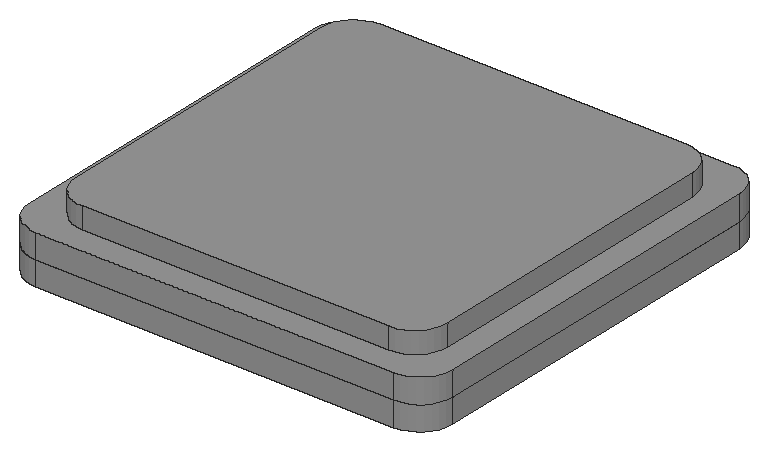
Revit family "FMS2_63_UN_Surface-mounted_ETK", category Lighting Fixtures, Revit 2019 (continued)
Definition of nested family "FMS.2 - Lightsource"
  Types (14, lengths in mm): name | Wattage Comments | Wattage | built-in parameter 1150134 | Photometric Web File | built-in parameter 1150142 | built-in parameter 1150105 | Lumens | built-in parameter 1150107 | built-in parameter 1150106 | Apparent Load
      573\t457.9741\t456.6909\t455.4077\t453.9962\t452.713\t451.3014\r\n449.8899\t448.3501\t446.9386\t445.2704\t443.7306\t442.0624\t440.3942\t438.7261\t436.9296\t435.1331\r\n433.2083\t431.4118\t429.487\t427.4339\t425.3808\t423.3277\t421.4029\t419.3498\t417.1683\t415.1152\r\n412.8054\t410.624\t408.4426\t406.0045\t403.6947\t401.385\t398.6902\t395.9955\t393.1725\t390.4778\r\n387.783\t384.8317\t382.0086\t379.1856\t376.4909\t373.5395\t370.7165\t367.7651\t364.9421\t361.9907\r\n359.0394\t356.088\t353.1366\t350.1853\t347.1056\t344.0259\t341.0746\t338.1232\t335.1718\t332.0922\r\n329.0125\t326.0611\t322.9814\t319.9018\t316.8221\t313.7424\t310.6627\t307.583\t304.5034\t301.4237\r\n298.344\t295.2643\t292.1846\t289.105\t285.7686\t282.304\t278.8394\t275.3747\t271.9101\t268.4454\r\n264.8525\t261.3878\t257.9232\t254.4586\t250.9939\t247.5293\t244.0646\t240.6\t237.1354\t233.6707\r\n230.2061\t226.7414\t223.2768\t219.8122\t216.4758\t213.1395\t209.6749\t206.3386\t203.0022\t199.6659\r\n196.073\t192.48\t189.0154\t185.4224\t181.9578\t178.3648\t174.7718\t171.3072\t167.9709\t164.5062\r\n161.0416\t157.7053\t154.369\t151.0326\t147.6963\t144.36\t141.0237\t137.4307\t133.8378\t130.2448\r\n126.793\t123.277\t119.7996\t116.3606\t112.9601\t109.5853\t106.249\t102.9383\t99.6533\t96.317\r\n93.0448\t89.8368\t86.6545\t83.485\t80.3668\t77.3\t74.2844\t71.3203\t68.3689\t65.4175\r\n62.5047\t59.6046\t56.7431\t53.8944\t51.0842\t48.2996\t45.5921\t43.1155\t40.7031\t38.3035\r\n35.9296\t33.5685\t31.2203\t28.8848\t21.237\t12.986\t4.7312\t0\t0\t0\r\n0\r\n473.6291\t473.5008\t473.2442\t473.1158\t472.8592\t472.4742\t471.961\t471.4477\t471.0627\t470.5494\r\n470.0362\t469.5229\t468.8813\t468.2397\t467.4698\t466.5715\t465.8016\t465.16\t464.2618\t463.3635\r\n462.337\t461.3104\t460.2838\t459.2573\t458.2307\t456.9475\t455.6643\t454.3811\t452.9696\t451.6864\r\n450.2749\t448.9917\t447.4518\t446.0403\t444.5005\t442.9606\t441.2925\t439.6243\t437.9562\t436.288\r\n434.6198\t432.695\t430.8986\t428.9738\t427.1773\t425.1242\t422.8144\t420.3763\t418.0666\t415.6285\r\n413.1904\t410.7523\t408.1859\t405.7478\t403.0531\t400.4867\t397.9203\t395.3539\t392.7875\t390.0928\r\n387.3981\t384.7034\t382.0086\t379.3139\t376.4909\t373.7962\t370.9731\t368.2784\t365.4554\t362.6323\r\n359.8093\t356.9862\t354.1632\t351.3402\t348.3888\t345.5658\t342.7427\t339.7914\t336.9683\t334.017\r\n331.1939\t328.2426\t325.1629\t321.8266\t318.4902\t315.1539\t311.6893\t308.353\t305.0166\t301.552\r\n298.2157\t294.8794\t291.543\t288.2067\t284.8704\t281.5341\t278.1978\t274.7331\t271.3968\t268.0605\r\n264.7242\t261.3878\t258.1798\t254.9718\t251.5072\t248.2992\t244.9629\t241.6266\t238.2902\t234.6973\r\n231.2326\t227.6397\t224.175\t220.5821\t217.1174\t213.6528\t210.1882\t206.7235\t203.2589\t199.7942\r\n196.5862\t193.2499\t189.7853\t186.449\t183.1126\t179.7763\t176.44\t172.9754\t169.2541\t165.6611\r\n162.0682\t158.4752\t155.0106\t151.4176\t147.8246\t144.36\t140.767\t137.3024\t133.9661\t130.5014\r\n127.1395\t123.7646\t120.3128\t116.8995\t113.499\t110.1371\t106.8007\t103.4901\t100.2051\t96.9329\r\n93.6864\t90.4913\t87.3346\t84.2036\t81.0726\t77.9801\t74.926\t71.8977\t68.895\t65.9308\r\n62.9923\t60.0794\t57.2051\t54.4462\t51.8413\t49.2364\t46.6572\t44.0908\t41.55\t39.0221\r\n36.507\t34.0048\t28.8207\t21.1728\t13.5249\t5.8617\t0\t0\t0\t0\r\n0\r\n473.6291\t473.5008\t473.2442\t472.9875\t472.7309\t472.3459\t471.8326\t471.3194\t470.9344\t470.4211\r\n469.9078\t469.3946\t468.753\t468.1114\t467.4698\t466.5715\t465.8016\t465.0317\t464.2618\t463.3635\r\n462.4653\t461.4387\t460.5405\t459.5139\t458.4874\t457.3325\t456.1776\t454.8944\t453.6112\t452.328\r\n451.0448\t449.6333\t448.3501\t446.9386\t445.527\t443.9872\t442.5757\t441.0358\t439.496\t437.8278\r\n435.6464\t433.465\t431.2835\t429.1021\t426.7923\t424.4826\t422.1728\t419.863\t417.5533\t415.1152\r\n412.6771\t410.3674\t407.9293\t405.6195\t403.1814\t400.615\t398.0486\t395.6106\t393.0442\t390.4778\r\n388.0397\t385.4733\t382.9069\t380.2122\t377.6458\t374.951\t372.3846\t369.6899\t367.1235\t364.4288\r\n361.8624\t359.1677\t356.3446\t353.1366\t349.9286\t346.7206\t343.5126\t340.3046\t337.0966\t333.8886\r\n330.6806\t327.3443\t324.1363\t320.8\t317.7203\t314.5123\t311.3043\t308.0963\t304.8883\t301.6803\r\n298.344\t295.136\t291.928\t288.72\t285.512\t282.304\t279.096\t275.888\t272.68\t269.2154\r\n265.7507\t262.2861\t258.8214\t255.3568\t251.8922\t248.4275\t244.9629\t241.6266\t238.2902\t234.9539\r\n231.4893\t228.153\t224.8166\t221.4803\t218.144\t214.8077\t211.4714\t208.2634\t205.0554\t201.5907\r\n197.8694\t194.2765\t190.6835\t186.9622\t183.3693\t179.7763\t176.1834\t172.5904\t169.1258\t165.6611\r\n162.1965\t158.7318\t155.2672\t151.8026\t148.3379\t144.8733\t141.4086\t137.944\t134.4794\t131.0147\r\n127.6527\t124.2779\t120.9159\t117.5924\t114.2818\t110.9968\t107.7375\t104.5038\t101.2701\t97.9852\r\n94.713\t91.4665\t88.2457\t85.0377\t81.8682\t78.7115\t75.5805\t72.4623\t69.3698\t66.2773\r\n63.4029\t60.6569\t57.9365\t55.2289\t52.5342\t49.8652\t47.2089\t44.5655\t41.935\t39.3301\r\n36.3659\t29.0773\t21.8016\t14.513\t7.2244\t0\t0\t0\t0\t0\r\n0\r\n473.6291\t473.3725\t473.2442\t472.8592\t472.6026\t472.3459\t471.8326\t471.3194\t470.8061\t470.2928\r\n469.7795\t469.2662\t468.753\t468.1114\t467.3414\t466.6998\t465.9299\t465.0317\t464.2618\t463.4918\r\n462.7219\t461.6954\t460.7971\t459.7706\t458.8723\t457.8458\t456.8192\t455.7926\t454.5094\t453.2262\r\n451.943\t450.6598\t449.3766\t448.0934\t446.9386\t445.0138\t443.089\t441.0358\t438.9827\t437.0579\r\n435.0048\t432.8234\t430.7702\t428.5888\t426.5357\t424.3542\t422.0445\t419.7347\t417.5533\t415.3718\r\n413.0621\t410.624\t408.3142\t406.0045\t403.5664\t401.2566\t398.9469\t396.6371\t394.199\t391.6326\r\n389.1946\t386.7565\t384.4467\t382.0086\t379.5706\t377.0042\t373.9245\t370.8448\t367.7651\t364.6854\r\n361.6058\t358.5261\t355.4464\t352.3667\t349.287\t346.2074\t343.1277\t339.9197\t336.7117\t333.632\r\n330.5523\t327.4726\t324.393\t321.3133\t318.2336\t315.0256\t311.9459\t308.8662\t305.6582\t302.5786\r\n299.4989\t296.2909\t292.9546\t289.6182\t286.1536\t282.8173\t279.3526\t276.0163\t272.68\t269.3437\r\n265.879\t262.5427\t259.2064\t255.8701\t252.6621\t249.3258\t245.9894\t242.7814\t239.4451\t236.2371\r\n233.0291\t229.8211\t226.2282\t222.6352\t219.0422\t215.4493\t211.8563\t208.2634\t204.6704\t201.0774\r\n197.6128\t194.0198\t190.5552\t187.0906\t183.6259\t180.1613\t176.6966\t173.232\t169.8957\t166.431\r\n162.8381\t159.3734\t155.9088\t152.3158\t148.8512\t145.3866\t141.9219\t138.5856\t135.121\t131.7846\r\n128.32\t125.0093\t121.673\t118.3367\t115.0004\t111.6384\t108.3021\t104.9786\t101.6679\t98.3701\r\n95.0851\t91.8258\t88.5793\t85.3585\t82.1505\t78.9681\t75.7986\t72.8216\t69.9729\t67.137\r\n64.314\t61.5038\t58.7064\t55.909\t53.1373\t50.3656\t47.6067\t44.8607\t42.1275\t37.0332\r\n29.9884\t22.9436\t15.8988\t8.8464\t1.7952\t0\t0\t0\t0\t0\r\n0\r\n473.6291\t473.3725\t473.1158\t472.8592\t472.4742\t472.2176\t471.7043\t471.191\t470.6778\t470.2928\r\n469.7795\t469.2662\t468.6246\t468.1114\t467.4698\t466.6998\t466.0582\t465.2883\t464.5184\t463.7485\r\n462.9786\t462.2086\t461.1821\t460.2838\t459.3856\t458.359\t457.4608\t456.4342\t455.4077\t454.3811\r\n453.2262\t451.8147\t450.0182\t448.0934\t446.1686\t444.3722\t442.4474\t440.6509\t438.5978\t436.673\r\n434.6198\t432.5667\t430.6419\t428.5888\t426.5357\t424.3542\t422.3011\t420.248\t418.1949\t415.8851\r\n413.7037\t411.5222\t409.3408\t407.1594\t404.8496\t402.5398\t400.3584\t398.0486\t395.7389\t393.4291\r\n390.7344\t387.9114\t384.96\t381.8803\t378.929\t375.9776\t373.0262\t370.2032\t367.2518\t364.3005\r\n361.3491\t358.2694\t355.3181\t352.3667\t349.287\t346.3357\t343.3843\t340.433\t337.4816\t334.5302\r\n331.4506\t328.4992\t325.5478\t322.4682\t319.3885\t316.0522\t312.7158\t309.3795\t306.0432\t302.7069\r\n299.4989\t296.1626\t292.8262\t289.4899\t286.2819\t282.9456\t279.6093\t276.4013\t273.1933\t269.9853\r\n266.7773\t263.5693\t260.3613\t257.1533\t253.9453\t250.7373\t247.2726\t243.808\t240.0867\t236.4938\r\n232.9008\t229.4362\t225.8432\t222.3786\t218.9139\t215.4493\t211.8563\t208.52\t205.0554\t201.5907\r\n197.9978\t194.5331\t191.0685\t187.7322\t184.2675\t180.8029\t177.2099\t173.7453\t170.1523\t166.6877\r\n163.223\t159.7584\t156.2938\t152.8291\t149.4928\t146.0282\t142.5635\t139.2272\t135.8909\t132.4262\r\n129.0899\t125.6124\t122.1991\t118.8115\t115.4238\t112.0619\t108.6999\t105.3636\t102.0272\t98.7166\r\n95.4188\t92.1338\t88.8616\t85.6023\t82.4584\t79.5071\t76.5814\t73.6557\t70.7556\t67.8556\r\n64.9684\t62.0812\t59.2197\t56.3453\t53.4966\t50.6607\t47.8249\t44.989\t38.3677\t31.4769\r\n24.5733\t17.6825\t10.7814\t3.8817\t0\t0\t0\t0\t0\t0\r\n0\r\n473.6291\t473.3725\t473.1158\t472.7309\t472.4742\t472.0893\t471.7043\t471.191\t470.6778\t470.1645\r\n469.6512\t469.1379\t468.6246\t468.1114\t467.5981\t466.8282\t466.1866\t465.545\t464.775\t464.0051\r\n463.2352\t462.4653\t461.6954\t460.9254\t460.0272\t459.129\t458.2307\t457.3325\t456.4342\t454.7661\r\n453.0979\t451.3014\t449.505\t447.7085\t445.912\t443.9872\t442.1907\t440.2659\t438.4694\t436.5446\r\n434.7482\t432.8234\t430.8986\t428.8454\t426.9206\t424.8675\t422.8144\t420.7613\t418.8365\t416.7834\r\n414.7302\t412.8054\t410.7523\t408.5709\t406.3894\t403.9514\t401.1283\t398.4336\t395.6106\t392.7875\r\n389.9645\t387.1414\t384.3184\t381.4954\t378.6723\t375.8493\t373.1546\t370.3315\t367.3802\t364.4288\r\n361.4774\t358.6544\t355.9597\t353.1366\t350.1853\t347.3622\t344.4109\t341.4595\t338.6365\t335.5568\r\n332.3488\t329.0125\t325.6762\t322.4682\t319.1318\t315.9238\t312.7158\t309.5078\t306.2998\t302.9635\r\n299.7555\t296.5475\t293.3395\t290.1315\t286.9235\t283.7155\t280.6358\t277.4278\t274.3482\t271.2685\r\n267.9322\t264.4675\t260.8746\t257.4099\t253.817\t250.3523\t246.8877\t243.423\t239.9584\t236.4938\r\n233.0291\t229.5645\t226.2282\t222.7635\t219.2989\t215.8342\t212.3696\t209.0333\t205.697\t202.2323\r\n198.6394\t195.1747\t191.5818\t188.1171\t184.5242\t181.0595\t177.5949\t174.0019\t170.5373\t167.0726\r\n163.7363\t160.2717\t156.807\t153.4707\t150.0061\t146.6698\t143.2051\t139.7405\t136.2758\t132.8112\r\n129.4749\t125.9974\t122.5841\t119.1708\t115.7703\t112.3827\t109.0207\t105.6587\t102.3095\t98.9732\r\n95.6369\t92.3134\t89.2466\t86.231\t83.2284\t80.2385\t77.2486\t74.2716\t71.3074\t68.3561\r\n65.4047\t62.4533\t59.5276\t56.5891\t53.6634\t50.7506\t47.0036\t40.2027\t33.4145\t26.6264\r\n19.8383\t13.0373\t6.2492\t0\t0\t0\t0\t0\t0\t0\r\n0\r\n473.6291\t473.3725\t473.1158\t472.7309\t472.3459\t472.0893\t471.7043\t471.191\t470.6778\t470.1645\r\n469.6512\t469.1379\t468.6246\t468.1114\t467.5981\t467.0848\t466.4432\t465.8016\t465.16\t464.3901\r\n463.6202\t462.9786\t462.2086\t461.4387\t460.7971\t460.0272\t459.0006\t457.3325\t455.7926\t454.1245\r\n452.4563\t450.9165\t449.12\t447.4518\t445.7837\t443.9872\t442.1907\t440.3942\t438.5978\t436.8013\r\n434.8765\t433.08\t431.2835\t429.487\t427.5622\t425.7658\t423.841\t421.9162\t419.863\t417.9382\r\n415.8851\t413.832\t411.1373\t408.5709\t405.8762\t403.3098\t400.7434\t398.0486\t395.3539\t392.5309\r\n389.8362\t387.0131\t384.3184\t381.6237\t378.8006\t376.1059\t373.4112\t370.7165\t367.8934\t365.1987\r\n362.3757\t359.681\t356.9862\t354.2915\t351.5968\t348.5171\t345.1808\t341.8445\t338.5082\t335.3002\r\n332.2205\t329.0125\t325.9328\t322.7248\t319.5168\t316.3088\t313.1008\t309.8928\t306.8131\t303.7334\r\n300.5254\t297.4458\t294.2378\t291.1581\t288.0784\t284.8704\t281.5341\t277.9411\t274.4765\t271.0118\r\n267.6755\t264.2109\t260.7462\t257.2816\t253.817\t250.3523\t247.016\t243.5514\t240.215\t236.7504\r\n233.4141\t230.0778\t226.6131\t223.2768\t219.9405\t216.4758\t212.8829\t209.4182\t205.8253\t202.3606\r\n198.896\t195.4314\t191.8384\t188.3738\t184.9091\t181.4445\t177.9798\t174.6435\t171.1789\t167.7142\r\n164.3779\t160.9133\t157.577\t153.984\t150.5194\t147.0547\t143.4618\t139.9971\t136.5325\t133.0678\r\n129.6032\t126.2284\t122.8151\t119.4146\t116.0141\t112.6265\t109.2388\t105.864\t102.4892\t99.1657\r\n96.086\t93.0192\t89.9523\t86.8983\t83.8443\t80.8031\t77.7748\t74.7464\t71.718\t68.7025\r\n65.687\t62.6843\t59.6816\t56.6789\t53.6891\t49.262\t42.5509\t35.8269\t29.103\t22.3918\r\n15.6679\t8.9478\t2.2276\t0\t0\t0\t0\t0\t0\t0\r\n0\r\n473.6291\t473.3725\t472.9875\t472.7309\t472.3459\t471.961\t471.576\t471.191\t470.6778\t470.1645\r\n469.6512\t469.1379\t468.753\t468.2397\t467.7264\t467.2131\t466.5715\t466.0582\t465.4166\t464.775\r\n464.1334\t463.4918\t462.8502\t462.0803\t461.4387\t460.1555\t458.6157\t457.0758\t455.536\t453.8678\r\n452.1997\t450.5315\t448.8634\t447.1952\t445.6554\t443.9872\t442.319\t440.6509\t438.8544\t437.1862\r\n435.3898\t433.5933\t431.9251\t430.1286\t428.3322\t426.5357\t424.6109\t422.9427\t421.0179\t418.5798\r\n416.0134\t413.447\t410.8806\t408.1859\t405.6195\t402.9248\t400.3584\t397.792\t395.0973\t392.5309\r\n389.9645\t387.2698\t384.7034\t382.137\t379.4422\t376.8758\t374.1811\t371.4864\t368.7917\t366.097\r\n363.5306\t360.4509\t357.3712\t354.1632\t351.0835\t348.0038\t344.9242\t341.8445\t338.6365\t335.5568\r\n332.3488\t329.2691\t326.0611\t322.9814\t319.9018\t316.8221\t313.7424\t310.6627\t307.583\t304.5034\r\n301.4237\t298.344\t295.0077\t291.6714\t288.2067\t284.7421\t281.4058\t277.9411\t274.4765\t271.1402\r\n267.6755\t264.3392\t260.8746\t257.5382\t254.0736\t250.7373\t247.2726\t243.9363\t240.6\t237.2637\r\n233.9274\t230.591\t227.1264\t223.5334\t220.0688\t216.6042\t213.1395\t209.6749\t206.2102\t202.7456\r\n199.1526\t195.8163\t192.3517\t188.887\t185.4224\t181.9578\t178.4931\t175.1568\t171.6922\t168.2275\r\n164.7629\t161.2982\t157.7053\t154.2406\t150.776\t147.3114\t143.8467\t140.3821\t136.9174\t133.4528\r\n129.9882\t126.5235\t123.0845\t119.6584\t116.2194\t112.7933\t109.38\t106.018\t102.8998\t99.7816\r\n96.6635\t93.5581\t90.4528\t87.3474\t84.2549\t81.1752\t78.0956\t75.0159\t71.9362\t68.8693\r\n65.8153\t62.7485\t59.6945\t56.6404\t52.0081\t45.3483\t38.6756\t32.0158\t25.3432\t18.6834\r\n12.0133\t5.3458\t0\t0\t0\t0\t0\t0\t0\t0\r\n0\r\n473.6291\t473.3725\t472.9875\t472.6026\t472.2176\t471.961\t471.576\t471.191\t470.8061\t470.2928\r\n469.7795\t469.2662\t468.753\t468.2397\t467.8547\t467.3414\t466.8282\t466.3149\t465.8016\t465.16\r\n464.6467\t464.0051\t463.3635\t462.7219\t461.3104\t459.7706\t458.2307\t456.6909\t455.151\t453.6112\r\n452.0714\t450.5315\t448.9917\t447.3235\t445.6554\t443.9872\t442.4474\t440.7792\t439.111\t437.5712\r\n435.903\t434.2349\t432.5667\t430.8986\t429.2304\t427.4339\t425.5091\t422.9427\t420.5046\t418.0666\r\n415.5002\t413.0621\t410.4957\t407.9293\t405.4912\t402.9248\t400.4867\t397.9203\t395.3539\t392.7875\r\n390.2211\t387.783\t385.2166\t382.6502\t380.0838\t377.5174\t374.951\t372.513\t369.5616\t366.6102\r\n363.5306\t360.4509\t357.3712\t354.2915\t351.2118\t348.1322\t345.0525\t341.9728\t338.8931\t335.8134\r\n332.7338\t329.7824\t326.7027\t323.623\t320.5434\t317.4637\t314.5123\t311.4326\t308.4813\t305.145\r\n301.6803\t298.344\t294.8794\t291.543\t288.0784\t284.7421\t281.2774\t277.9411\t274.6048\t271.1402\r\n267.8038\t264.4675\t261.1312\t257.7949\t254.4586\t251.1222\t247.7859\t244.4496\t241.1133\t237.6486\r\n234.0557\t230.591\t227.1264\t223.6618\t220.1971\t216.7325\t213.2678\t209.8032\t206.3386\t202.8739\r\n199.4093\t196.073\t192.6083\t189.1437\t185.679\t182.3427\t178.8781\t175.4134\t171.9488\t168.4842\r\n165.0195\t161.4266\t157.9619\t154.4973\t151.0326\t147.568\t143.975\t140.5104\t137.0458\t133.5811\r\n130.1165\t126.716\t123.2642\t119.8124\t116.3734\t112.9216\t109.7649\t106.5954\t103.4516\t100.2949\r\n97.1511\t94.0072\t90.8634\t87.7324\t84.5885\t81.4704\t78.3394\t75.2212\t72.0902\t68.972\r\n65.8667\t62.7485\t59.6431\t55.2546\t48.6204\t41.9863\t35.365\t28.7308\t22.0967\t15.4754\r\n8.8451\t2.2161\t0\t0\t0\t0\t0\t0\t0\t0\r\n0\r\n473.6291\t473.3725\t472.9875\t472.6026\t472.2176\t471.8326\t471.4477\t471.0627\t470.6778\t470.2928\r\n469.9078\t469.3946\t468.8813\t468.368\t467.983\t467.4698\t466.9565\t466.4432\t466.0582\t465.545\r\n465.0317\t464.5184\t463.8768\t462.4653\t461.0538\t459.5139\t457.9741\t456.5626\t455.0227\t453.4829\r\n451.943\t450.4032\t448.8634\t447.3235\t445.912\t444.2438\t442.704\t441.1642\t439.6243\t438.0845\r\n436.4163\t434.8765\t433.2083\t431.5402\t429.7437\t427.4339\t424.9958\t422.5578\t420.248\t417.8099\r\n415.3718\t412.9338\t410.4957\t408.0576\t405.6195\t403.1814\t400.615\t398.177\t395.7389\t393.3008\r\n390.8627\t388.2963\t385.8582\t383.4202\t380.9821\t378.4157\t375.336\t372.3846\t369.305\t366.3536\r\n363.2739\t360.3226\t357.2429\t354.1632\t351.2118\t348.2605\t345.1808\t342.2294\t339.1498\t336.1984\r\n333.247\t330.2957\t327.3443\t324.2646\t321.3133\t318.3619\t315.1539\t311.8176\t308.4813\t305.0166\r\n301.6803\t298.344\t295.0077\t291.6714\t288.335\t284.9987\t281.5341\t278.1978\t274.8614\t271.5251\r\n268.1888\t264.8525\t261.5162\t258.3082\t254.9718\t251.6355\t248.2992\t244.8346\t241.2416\t237.777\r\n234.3123\t230.8477\t227.383\t223.9184\t220.4538\t216.9891\t213.5245\t210.0598\t206.5952\t203.1306\r\n199.6659\t196.2013\t192.865\t189.4003\t185.9357\t182.471\t179.0064\t175.5418\t172.0771\t168.4842\r\n165.0195\t161.5549\t158.0902\t154.6256\t151.161\t147.6963\t144.1034\t140.6387\t137.1741\t133.7094\r\n130.2448\t126.8315\t123.3797\t119.9279\t116.6172\t113.422\t110.2397\t107.0574\t103.8879\t100.7055\r\n97.536\t94.3537\t91.1842\t88.0147\t84.8452\t81.6757\t78.519\t75.3623\t72.1928\t69.0362\r\n65.8795\t62.7356\t59.0272\t52.4187\t45.8102\t39.2018\t32.5933\t25.9848\t19.3763\t12.7704\r\n6.1632\t0\t0\t0\t0\t0\t0\t0\t0\t0\r\n0\r\n473.6291\t473.3725\t472.9875\t472.6026\t472.2176\t471.8326\t471.4477\t471.0627\t470.6778\t470.2928\r\n469.9078\t469.5229\t469.1379\t468.6246\t468.1114\t467.7264\t467.2131\t466.6998\t466.1866\t465.8016\r\n465.2883\t464.9034\t463.7485\t462.337\t460.7971\t459.3856\t457.8458\t456.4342\t454.8944\t453.4829\r\n451.943\t450.5315\t448.9917\t447.4518\t446.0403\t444.5005\t442.9606\t441.4208\t440.0093\t438.4694\r\n436.9296\t435.5181\t433.9782\t431.9251\t429.487\t427.1773\t424.8675\t422.4294\t420.1197\t417.6816\r\n415.2435\t412.9338\t410.4957\t408.0576\t405.7478\t403.3098\t400.8717\t398.5619\t396.2522\t393.8141\r\n391.5043\t389.0662\t386.7565\t384.3184\t381.367\t378.4157\t375.336\t372.3846\t369.4333\t366.3536\r\n363.4022\t360.4509\t357.4995\t354.5482\t351.4685\t348.5171\t345.5658\t342.6144\t339.663\t336
